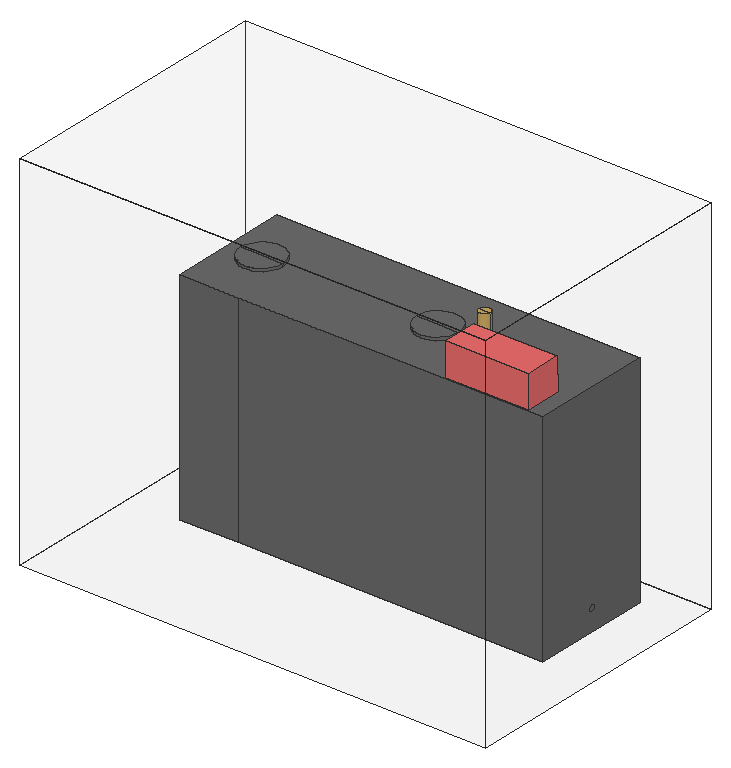
Revit family "Remeha_Gas310EcoPro-500_LOD-3", category Mechanical Equipment, host Face, Revit 2015
Parameters (values of type "Gas 310 Eco Pro - 500")
  Weekly = "0"
  Water Treatment Required = yes
  Water Content = 82.0 L
  Warranty ID = ""
  Voltage = 230 V
  Uniclass2015 = ""
  URL = ""
  Type = "Space heating"
  Turndown Ratio = "4.93:1"
  Supply Phase = 1
  Starting Current = 0 A
  Sound Pressure Level = "56 dBA"
  Shipping Weight = 600.00 kg
  Shape = "Rectangular (Horizontal)"
  Safety Valve Connection Type = "Threaded"
  Safety Valve Connection Size = 40.000 mm
  Responsible Sourcing of Materials = "0"
  Responsible Extraction of Materials = "0"
  Reference Standard = "2009/142 EEC : 92/42/EEC"
  Rated Output = 461000 W
  Rated Criteria = "80/60"
  Quarterly = "0"
  Product Range = "Gas 310 Eco Pro - 500"
  Product Model Number = "90754"
  Product Literature = "https://www.remeha.co.uk/en/Products/Floor-Standing-Range/Gas-310-610-Eco-Pro"
  Primary Fuel = "Gas - NG"
  Overall Width = 716.000 mm
  Overall Length = 2172.000 mm
  Overall Height = 1500.000 mm
  Optional Fuel = "No Optional Fuel"
  Operation and Maintenance Manual = "https://www.remeha.co.uk/en/Products/Floor-Standing-Range/Gas-310-610-Eco-Pro"
  Oil Consumption rate = 0
  Nominal Oil Inlet Pressure = 0.00 bar
  Nominal Gas Inlet Pressure = 0.02 bar
  NOx Emissions = "29 mg/kWh"
  Mounting = "Floor Standing"
  Monthly = "0"
  Model = "Gas 310 Eco Pro - 500"
  Minimum Power Consumption = 6 W
  Minimum Operating Pressure = 0.80 bar
  Minimum Oil Inlet Pressure = 0.00 bar
  Minimum Gas Inlet Pressure = 0.017 bar
  Minimum Flow Rate at 20C temperature differential = 5.51 L/s
  Minimum Flow Rate at 11C temperature differential = 10.03 L/s
  Maximum Power Consumption = 543 W
  Maximum Operating Pressure = 7.00 bar
  Maximum Oil Inlet Pressure = 0.00 bar
  Maximum Gas Inlet Pressure = 0.10 bar
  Material Ingredient Reporting = "0"
  Manufacturer Website = "http://www.remeha.co.uk/"
  Manufacturer = "Remeha Commercial "  # constant formula
  Maintenance Required 8001 to 12000hrs = "0"
  Maintenance Required 601 to 1000hrs = "0"
  Maintenance Required 4001 to 8000hrs = "0"
  Maintenance Required 301 to 600hrs = "0"
  Maintenance Required 2001 to 4000hrs = "0"
  Maintenance Required 1001 to 2000hrs = "0"
  Maintenance Required 0 to 300hrs = "0"
  Location of Manufacturer = "0"
  Life Cycle Analysis = "0"
  Interlocks = yes
  IfcExportType = "NOTDEFINED"  # constant formula
  IfcExportAs = "IfcBoilerType"  # constant formula
  IP Rating = "X1B"
  IK Rating = "0"
  Hydraulic Resistance at 20C temperature differential = 0.11 bar
  Hydraulic Resistance at 11C temperature differential = 0.364 bar
  Heater Operation = "Condensing"
  Heat Exchanger Material = "Aluminium"
  Gross Weight = 577.00 kg
  Green Guide for Specification = "0"
  Gas Consumption rate = "49.6 m3/h"
  Fuse Rating = 10 A
  Full Load Current = 0 A
  Fuel Connection Type = "Threaded"
  Fuel Connection Size = 50.000 mm
  Frequency = 50 Hz
  Flue or Air Intake Classification = "B23, B23P, C33, C53, C63, C83, C93"
  Flue Connection size = 250.000 mm
  Flow and Return Connection Type = "Flanged"
  Flow and Return Connection Size = 80.000 mm
  Finish = "Gloss Grade 70% ISO2813"
  Features = "Remeha's Gas 310 ECO PRO range are compact high efficiency floor standing gas condensing boilers. Ideally suited for single and multiple cascade arrangements for new and refurbishment projects."
  External Material = "Steel"
  Expected Life = "15"
  ErP Seasonal Efficiency = "0 %"
  ErP Rated Efficiency at Part Load = "0 %"
  ErP Rated Efficiency at Full Load = "0 %"
  ErP Energy Label = "0"
  Environmental Product Declaration = "0"
  Energy Technology List = "https://etl.beis.gov.uk/engetl/fox/live/ETL_PUBLIC_PRODUCT_SEARCH/product?PROD_ID=71168"
  Embodied Carbon = "0"
  Drain Connection Type = "Other"
  Drain Connection Size = 20.000 mm
  Description = ""
  Default Elevation = 0.000 mm  # constant formula
  Daily = "0"
  Control Type = "0 - 10V, Open Therm, Volt free enable, Direct boiler weather compensating control systems available from Remeha as optional extra's."
  Configuration = "Single boiler"
  Condensate Drain Type = "Threaded"
  Condensate Drain Size = 32.000 mm
  Colour = "RAL 2002 Red : RAL 7016 Dark Grey"
  Clearance Box Visibility [instance] = yes
  Classification.Uniclass.Pr.Number [instance] = "Pr_60_60_08_34"
  Classification.Uniclass.Pr.Description [instance] = "Gas fired Condensing Boilers"
  CE Mark = "0063CL3613"
  Burner Control Type = "Modulating"
  Building Regulations Seasonal Efficiency = "96.09 %"
  Bespoke Timeframe = "0"
  BMS Links = yes
  Assembly Code = ""
  Annually = "As Per Attached URL O&M Manual"
  Air Inlet Connection Size = 250.000 mm
  Additional Technical Details = "https://www.remeha.co.uk/en/Products/Floor-Standing-Range/Gas-310-610-Eco-Pro"
  Access Clearance Top = 650.000 mm
  Access Clearance Right = 150.000 mm
  Access Clearance Rear = 300.000 mm
  Access Clearance Left = 800.000 mm
  Access Clearance Front = 800.000 mm
  Access Clearance Bottom = 0.000 mm
  6 Monthly = "0"
Reference planes
  plane 1 "Center (Front/Back)": y = 0
  plane 2: z = 0
  plane 3 "Center (Left/Right)": x = 0
  plane 4: x = -1071
  plane 5: x = 1071
  plane 6: y = 358
  plane 7: y = -358
  plane 8: z = 1500
  plane 9: x = -1371
  plane 10: x = 1371
  plane 11: y = 508
  plane 12: y = -1158
  plane 13: z = 2150
Forms (mm)
  Sweep 1, solid, material "Glass - Clear - Amber", visible <- "Clearance Box Visibility"
    path origin (0, 0, 0) x (1, 0, 0) y (0, 0, 1)
      loop
        line (0, 2150) -> (0, 0)
    profile origin (0, 0, 1075) x (0, -1, 0) y (1, 0, 0)
      loop
        line (-508, -1371) -> (1158, -1371) -> (1158, 1371) -> (-508, 1371) -> (-508, -1371)
Dimensions and locks
  equal spacing: plane 4, plane 3 "Center (Left/Right)", plane 5
  plane 4 to plane 5 = 2142.000 mm
  equal spacing: plane 7, plane 1 "Center (Front/Back)", plane 6
  plane 7 to plane 6 = 716.000 mm
  plane 8 to level = 1500.000 mm
  plane 9 to plane 4 = 300.000 mm
  plane 5 to plane 10 = 300.000 mm
  plane 11 to plane 6 = 150.000 mm
  plane 12 to plane 7 = 800.000 mm
  plane 13 to plane 8 = 650.000 mm
  nested 1 to level = 1308.201 mm
  equal spacing: plane 6, plane 1 "Center (Front/Back)", plane 7
  aligned and locked: plane 2 to host face
  aligned and locked: level to host face
  aligned and locked: Sweep 1 sketch curve to plane 3 "Center (Left/Right)"
  aligned and locked: plane 13 to Sweep 1 sketch curve
  aligned and locked: level to Sweep 1 sketch curve
  aligned and locked: Sweep 1 sketch curve to plane 11
  aligned and locked: Sweep 1 sketch curve to plane 10
  aligned and locked: plane 9 to Sweep 1 sketch curve
  aligned and locked: Sweep 1 sketch curve to plane 12
  aligned and locked: plane 1 "Center (Front/Back)" to nested 1
  aligned and locked: nested 1 to plane 4
Automatic sketch dimensions
  host sketch curve to host sketch curve = 2438.400 mm  (x2)
Nested families
  nested 1: "Gas 310" at (0, 0, 0), type "Gas 310"
    with Width A 2142.000 mm, L 1800.000 mm, Handle Offset 971.000 mm, C 2172.000 mm, B 1944.000 mm
Connectors
  piping at (-1073.048, 244.474, 366), diameter 65
    settings: on nested 1, index 3, connector inside diameter 65.000 mm, connector length 0.000 mm, flow factor 0, pipe flow 0 L/s, pressure drop 0.00 bar, fitting loss kfactor 0, connector angle 0.00°, fixture units 0, engagement length 0.000 mm, angle of deflection 0.00°, flow configuration 0, flow direction 2, fitting loss method 0, system type 8, joint type 0, gender type 0, connector reference index -1, connector utility 0, adjustable connector no, is connector primary yes, connector description "Heating Circuit Return"
  piping at (442.852, 0, 1476.07), diameter 65
    settings: on nested 1, index 8, connector inside diameter 65.000 mm, connector length 0.000 mm, flow factor 0, pipe flow 0 L/s, pressure drop 0.00 bar, fitting loss kfactor 0, connector angle 0.00°, fixture units 0, engagement length 0.000 mm, angle of deflection 0.00°, flow configuration 0, flow direction 1, fitting loss method 0, system type 22, joint type 0, gender type 0, connector reference index -1, connector utility 0, adjustable connector no, is connector primary no, connector description "Gas Connection"
  hvac at (164.288, 0, 1308.201)
    settings: on nested 1, index 9, duct flow 0 m³/h, flow factor 0, pres drop 0.00 bar, loss coef 0, conn angle 0.00°, conn width 12", conn height 12", conn diameter 9.84252", duct sys type 1, conn prof type 0, flow config 0, flow direction 1, loss method 0, conn ref index -1, conn util yes, is conn primary yes, conn desc "Air Intake Connection"
  hvac at (-873, 0, 1307.297)
    settings: on nested 1, index 10, duct flow 0 m³/h, flow factor 0, pres drop 0.00 bar, loss coef 0, conn angle 0.00°, conn width 12", conn height 12", conn diameter 9.84252", duct sys type 2, conn prof type 0, flow config 0, flow direction 2, loss method 0, conn ref index -1, conn util yes, is conn primary no, conn desc "Flue Gas Connection"
  piping at (-1073.048, 244.474, 686), diameter 75
    settings: on nested 1, index 11, connector inside diameter 609.600 mm, connector length 0.000 mm, flow factor 0, pipe flow 0 L/s, pressure drop 0.00 bar, fitting loss kfactor 0, connector angle 0.00°, fixture units 0, engagement length 0.000 mm, angle of deflection 0.00°, flow configuration 0, flow direction 0, fitting loss method 0, system type 8, joint type 0, gender type 0, connector reference index -1, connector utility 0, adjustable connector no, is connector primary no, connector description ""
  electrical at (976.784, -240.815, 1388.248)
    settings: on nested 1, index 12, voltage 230 V, apparent load 24 VA, apparent load phase1 0 VA, apparent load phase2 0 VA, apparent load phase3 0 VA, power factor 1, load classification "Power", number of poles 1, system type 30, power factor state 1, is connector primary yes, connector utility yes, sub classification motor yes, connector description "Power"
  piping at (1071.794, 0, 128.93), diameter 32
    settings: on nested 1, index 13, connector inside diameter 609.600 mm, connector length 0.000 mm, flow factor 0, pipe flow 0 L/s, pressure drop 0.00 bar, fitting loss kfactor 0, connector angle 0.00°, fixture units 0, engagement length 0.000 mm, angle of deflection 0.00°, flow configuration 0, flow direction 2, fitting loss method 0, system type 16, joint type 0, gender type 0, connector reference index -1, connector utility 1, adjustable connector no, is connector primary no, connector description "Condensates Discharge"
  piping at (-1073.048, 244.474, 1023), diameter 80
    settings: on nested 1, index 14, connector inside diameter 609.600 mm, connector length 0.000 mm, flow factor 0, pipe flow 0 L/s, pressure drop 0.00 bar, fitting loss kfactor 0, connector angle 0.00°, fixture units 0, engagement length 0.000 mm, angle of deflection 0.00°, flow configuration 0, flow direction 1, fitting loss method 0, system type 7, joint type 0, gender type 0, connector reference index -1, connector utility 1, adjustable connector no, is connector primary no, connector description "Flow Connection"
Definition of nested family "Gas 310"
  Parameters
    Width A = 1833.000 mm
    Unit = none
    Top Clearance = 400.000 mm  # constant formula
    Text Material = none
    Second Return Pipe Connection_Optional = yes
    Second Return Pipe Connection Visibility = yes
    Return Pipe = 31.750 mm
    Return Connection = none
    Pipe Size = 31.750 mm
    Pipe Material = none
    Side Clearance = 100.000 mm  # constant formula
    Logo = none
    L = 1490.000 mm
    Height = 1500.000 mm  # constant formula
    Handle Offset = (Width A / 2) - 100.000 mm  # 816.500 mm
    Gas Pipe = 31.750 mm
    Gas Connection Pipe = none
    Front Clearance = 700.000 mm  # constant formula
    Door Panel = none
    Depth = 716.000 mm  # constant formula
    Default Elevation = 0.000 mm
    C = 1862.000 mm
    Back Clearnce Note = "300mm refers to singular boiler installations, 600mm refers to modular boiler applications"  # constant formula
    Back Clearnce = 0.000 mm
    B = Width A - 198.000 mm  # 1635.000 mm
    Assembly Code = ""
  Reference planes
    plane 1 "Center (Front/Back)": y = 0
    plane 2: z = 0
    plane 3 "Center (Left/Right)": x = 0
    plane 4: z = 1500
    plane 5: x = 1071
    plane 6: x = -762
    plane 7: y = 358
    plane 8: y = -358
    plane 9: z = 1023
    plane 10: z = 686
    plane 11: z = 366
    plane 12: x = 1081.499
    plane 13: x = -857.948
    plane 14: y = 244.474
    plane 15: z = 447
    plane 16: z = 686
    plane 17: x = -721.476
    plane 18: x = -282.886
    plane 19: x = 385.059
    plane 20: y = -233.136
    plane 21: y = 242.974
    plane 22: x = 813.64
    plane 23: z = 1192.297
    plane 24: x = 717.992
    plane 25: z = 128.93
  Forms (mm)
    Extrusion 1, solid, material <- "Door Panel"
      sketch origin (0, 0, 0) x (1, 0, 0) y (0, 1, 0)
        loop
          line (-419, 358) -> (-762, 358) -> (-762, -358) -> (-419, -358) -> (1071, -358) -> (1071, 358) -> (-419, 358)
      from 0 to 1292.297
    Revolve 2, solid, material <- "Door Panel"
      sketch origin (0, 0, 0) x (1, 0, 0) y (0, 0, 1)
        loop
          line (164.288, 1308.201) -> (39.288, 1308.201) -> (39.288, 1292.297) -> (164.288, 1292.297) -> (164.288, 1308.201)
        axis (164.288, 1292.297) -> (164.288, 1308.201)
      angle from 0 to 360
    Extrusion 3, solid, material <- "Pipe Material"
      sketch origin (0, 0, 0) x (0, -1, 0) y (0, 0, -1)
        loop
          line (130.701, -1292.297) -> (137.402, -1484.199) -> (347.579, -1484.199) -> (347.579, -1292.297) -> (130.701, -1292.297)
      from 489.053 to 976.784
    Revolve 4, solid, material <- "Gas Connection Pipe"
      sketch origin (0, 0, 0) x (1, 0, 0) y (0, 0, 1)
        loop
          line (442.852, 1292.297) -> (442.852, 1476.07) -> (410.352, 1476.07) -> (410.352, 1292.297) -> (442.852, 1292.297)
        axis (442.852, 1476.07) -> (442.852, 1292.297)
      angle from 0 to 360
    Revolve 5, solid, material <- "Pipe Material"
      sketch origin (0, 244.474, 1121.658) x (0, 0, 1) y (-1, 0, 0)
        loop
          line (-138.658, 762) -> (-98.658, 762) -> (-98.658, 764.048) -> (-138.658, 764.048) -> (-138.658, 762)
        axis (-98.658, 764.048) -> (-98.658, 762)
      angle from 0 to 360
    Revolve 6, solid, material <- "Return Connection"
      sketch origin (0, 244.474, 784.658) x (0, 0, 1) y (-1, 0, 0)
        loop
          line (-451.158, 764.048) -> (-451.158, 762) -> (-418.658, 762) -> (-418.658, 764.048) -> (-451.158, 764.048)
        axis (-418.658, 764.048) -> (-418.658, 762)
      angle from 0 to 360
    Sweep 7, solid, material <- "Pipe Material"
      path origin (0, 244.474, 1121.658) x (0, 0, 1) y (-1, 0, 0)
        loop
          line (-435.658, 764.048) -> (-435.658, 762)
      profile origin (-763.024, 244.474, 686) x (0, 0, 1) y (0, -1, 0)
        loop
          circle (0, 0) r 37.5
    Extrusion 8, solid, material <- "Door Panel"
      sketch origin (0, 0, 0) x (0, 1, 0) y (0, 0, 1)
        loop
          circle (0, 128.93) r 16
      from 1071 to 1071.794
  Cuts and joins
    joined: Extrusion 1, Revolve 2, Extrusion 8
    joined: Extrusion 3, Revolve 5, Sweep 7
  Dimensions and locks
    "Height": plane 4 to level
    "Width A": plane 6 to plane 5
    equal spacing: plane 7, plane 1 "Center (Front/Back)", plane 8
    "Depth": plane 7 to plane 8
    locked: plane 9 to level at 1023
    locked: plane 10 to level at 686
    locked: plane 11 to level at 366
    plane 10 to plane 11 = 320.000 mm
    locked: plane 7 to plane 14 at 113.526
    "B": nested 1 to plane 5
    locked: plane 15 to level at 447
    "L": Extrusion 1 sketch curve to plane 5  (x2)
    locked: plane 11 to plane 16 at 320
    plane 11 to level = 366.000 mm
    locked: plane 6 to plane 18 at 479.114
    locked: plane 5 to plane 19 at 685.941
    locked: plane 14 to plane 21 at 1.5
    locked: plane 20 to plane 8 at 124.864
    locked: plane 5 to plane 22 at 257.36
    locked: plane 5 to plane 24 at 353.008
    plane 6 to plane 3 "Center (Left/Right)" to plane 5 = 762.000 mm, 1071.000 mm
    plane 25 to level = 128.930 mm
    radius of Extrusion 8 sketch curve = 16.000 mm
    aligned and locked: plane 2 to level
    aligned and locked: plane 1 "Center (Front/Back)" to nested 1
    aligned: cut or joined group of Extrusion 3, Revolve 5, Sweep 7 to cut or joined group of Extrusion 3, Revolve 5, Sweep 7
    aligned and locked: Extrusion 1 sketch curve to plane 6
    aligned and locked: Revolve 5 sketch curve to plane 9
    aligned and locked: Revolve 6 sketch curve to plane 11
    aligned and locked: Sweep 7 sketch curve to plane 16
    aligned and locked: Extrusion 1 to level
    aligned and locked: Extrusion 8 to plane 5
    aligned and locked: Extrusion 1 sketch curve to plane 7
    aligned and locked: Revolve 6 sketch curve to cut or joined group of Extrusion 3, Revolve 5, Sweep 7
    aligned and locked: cut or joined group of Extrusion 1, Revolve 2, Extrusion 8 to Revolve 6 sketch curve
    aligned and locked: Revolve 5 sketch curve to plane 6
    aligned and locked: cut or joined group of Extrusion 1, Revolve 2, Extrusion 8 to nested 1
  Automatic sketch dimensions
    plane 3 "Center (Left/Right)" to Revolve 2 sketch curve = 39.288 mm
    Revolve 2 sketch curve to Revolve 2 sketch curve = 125.000 mm
    plane 23 to Revolve 2 sketch curve = 100.000 mm
    Revolve 2 sketch curve to Revolve 2 sketch curve = 15.903 mm
    Revolve 2 sketch curve to Revolve 2 sketch curve = 0.000 mm
    Revolve 2 sketch curve to Revolve 2 sketch curve = 7.571 mm
    Revolve 2 sketch curve to Revolve 2 sketch curve = 21.668 mm
    Extrusion 3 sketch curve to plane 20 = 95.734 mm
    Extrusion 3 sketch curve to plane 8 = 10.421 mm
    Extrusion 3 sketch curve to plane 4 = 15.801 mm
    plane 23 to Extrusion 3 sketch curve = 100.000 mm
    plane 19 to Revolve 4 sketch curve = 25.293 mm
    Revolve 4 sketch curve to Revolve 4 sketch curve = 32.500 mm
    plane 23 to Revolve 4 sketch curve = 100.000 mm
    Revolve 4 sketch curve to plane 4 = 23.930 mm
    Revolve 4 sketch curve to Revolve 4 sketch curve = 0.000 mm  (x3)
    Revolve 6 sketch curve to plane 11 = 0.000 mm
    plane 11 to Revolve 6 sketch curve = 32.500 mm
    plane 6 to Revolve 6 sketch curve = 21.000 mm
    plane 13 to Revolve 6 sketch curve = 10.948 mm
    Sweep 7 sketch curve to plane 14 = 0.000 mm
    profile plane to Sweep 7 sketch curve = 0.000 mm
    Extrusion 3 sketch curve to plane 20 = 102.436 mm
    Extrusion 8 sketch curve to plane 1 "Center (Front/Back)" = 0.000 mm
    Extrusion 8 sketch curve to plane 25 = 0.000 mm
    Revolve 5 sketch curve to plane 9 = 0.000 mm
    plane 9 to Revolve 5 sketch curve = 40.000 mm
    plane 13 to Revolve 5 sketch curve = 10.948 mm
    plane 6 to Revolve 5 sketch curve = 21.000 mm
    plane 6 to Sweep 7 sketch curve = 2.048 mm
    plane 6 to Sweep 7 sketch curve = 0.000 mm
    plane 6 to Revolve 5 sketch curve = 2.048 mm
    plane 8 to Extrusion 1 sketch curve = 0.000 mm  (x2)
    Extrusion 1 sketch curve to plane 5 = 0.000 mm
    Extrusion 1 sketch curve to Extrusion 1 sketch curve = 0.000 mm
    radius of Sweep 7 sketch curve = 37.500 mm
  Nested families
    nested 1: "Flue Gas Discharge Pipe" at (-564, 0, 1292.297), type "Flue Gas Discharge Pipe"
  Definition of nested family "Flue Gas Discharge Pipe"
    Parameters
      Unit = none
      Assembly Code = ""
    Reference planes
      plane 1 "Center (Front/Back)": y = 0
      plane 2: z = 0
      plane 3 "Center (Left/Right)": x = 0
    Forms (mm)
      Revolve 1, solid, material <- "Unit"
        sketch origin (-164.288, 0, -1184.172) x (1, 0, 0) y (0, 0, 1)
          loop
            line (39.579, 1199.172) -> (39.448, 1184.172) -> (164.288, 1184.172) -> (164.288, 1199.172) -> (39.579, 1199.172)
          axis (164.288, 1184.172) -> (164.288, 1199.172)
        angle from 0 to 360
    Dimensions and locks
      aligned and locked: level to plane 2
      aligned and locked: Revolve 1 sketch curve to plane 3 "Center (Left/Right)"
      aligned and locked: level to Revolve 1 sketch curve
